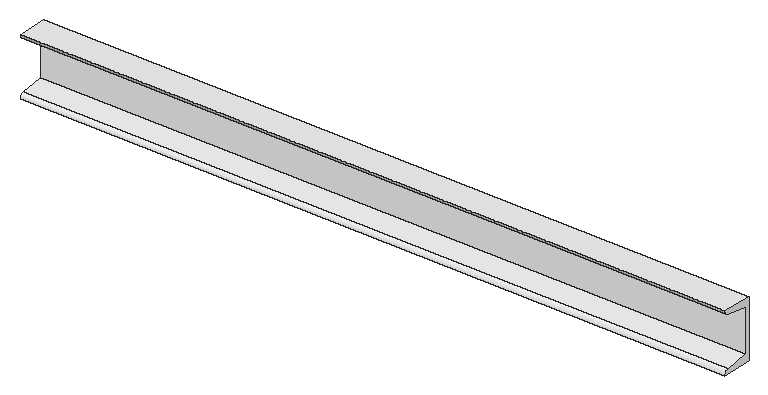
Revit family
Parameters (values of type "100x50TFC")
  Start Extension Calculation [instance] = 3012.5 mm + Start Extension  # 3000 mm
  Start Extension [instance] = -12.5 mm
  End Extension Calculation [instance] = 3012.5 mm + End Extension  # 3000 mm
  End Extension [instance] = -12.5 mm
  Beam Material [instance] = Metal - Steel - 345 MPa
  Assembly Code = ""
  Angle [instance] = 0.00°
  A = 0.001 m²
  Length [instance] = 1500 mm
  W = 0.09179
  bf = 50 mm
  d = 100 mm
  tf = 7.5 mm
  tw = 5 mm
  x = 15.5 mm
Reference planes
  plane 1 "Center (Front/Back)": y = 0
  plane 2: z = 0
  plane 3 "Center (Left/Right)": x = 4.61
  plane 4 "Member Left": x = -604.99
  plane 5 "Member Right": x = 614.21
  plane 6: y = 15.5
  plane 7: y = -34.5
  plane 8 "Top": z = 50
  plane 9: z = -50
  plane 10 "Left": x = -757.39
  plane 11 "Right": x = 742.61
  plane 12: x = -604.99
  plane 13: x = 614.21
  plane 14: x = 2395.01
  plane 15: x = -2385.79
Forms (mm)
  Sweep 1, solid, material "Metal - Steel - 345 MPa" <- "Beam Material", detail levels medium
    path origin (0, 0, 0) x (1, 0, 0) y (0, 1, 0)
      loop
        line (614.21, 0) -> (-604.99, 0)
    profile "M_C-Channel-Profile-Medium : M_C-Channel-Profile-Medium" origin (4.61, 0, 0) x (0, -1, 0) y (0, 0, 1)
      loop
        line (-15.5, -50) -> (34.5, -50) -> (34.5, -42.5) -> (-10.5, -35.373) -> (-10.5, 35.373) -> (34.5, 42.5) -> (34.5, 50) -> (-15.5, 50) -> (-15.5, -50)
  Sweep 2, solid, material "Metal - Steel - 345 MPa" <- "Beam Material", detail levels fine
    path origin (0, 0, 0) x (1, 0, 0) y (0, 1, 0)
      loop
        line (614.21, 0) -> (-604.99, 0)
    profile "M_C-Channel-Profile-Fine : M_C-Channel-Profile-Fine" origin (4.61, 0, 0) x (0, -1, 0) y (0, 0, 1)
      loop
        line (-15.5, -50) -> (34.5, -50)
        arc (34.5, -50) -> (32.303, -44.697) -> (27, -42.5) r 7.5
        line (27, -42.5) -> (-10.5, -36.561) -> (-10.5, 36.561) -> (27, 42.5)
        arc (27, 42.5) -> (32.303, 44.697) -> (34.5, 50) r 7.5
        line (34.5, 50) -> (-15.5, 50) -> (-15.5, -50)
Lines and regions (mm)
  symbolic lines, style "Hidden Faces", detail levels medium+fine
    curve 1: line (-604.99, 0, 0) -> (614.21, 0, 0)
    curve 2: line (-604.99, 4.763, 28.5) -> (614.21, 4.763, 28.5)
    curve 3: line (-604.99, 4.763, -28.5) -> (614.21, 4.763, -28.5)
  reference lines
    curve 4: line (4.61, 0, 0) -> (4.61, 0, 15)
  symbolic lines, style "Stick Symbols", detail levels coarse
    curve 5: line (4.61, 15.5, 50) -> (4.61, -34.5, 50)
    curve 6: line (4.61, 15.5, -50) -> (4.61, 15.5, 50)
    curve 7: line (4.61, -34.5, -50) -> (4.61, 15.5, -50)
Dimensions and locks
  "bf": plane 6 to plane 7
  "d": plane 9 to plane 8 "Top"
  "x": plane 6 to plane 1 "Center (Front/Back)"
  equal spacing: plane 9, plane 2, plane 8 "Top"
  "Length": plane 10 "Left" to plane 11 "Right"
  locked: plane 4 "Member Left" to plane 14 at 3000
  locked: plane 15 to plane 5 "Member Right" at 3000
  "Start Extension Calculation": plane 12 to plane 14
  "End Extension Calculation": plane 15 to plane 13
  "Angle": angle plane 6 to curve 4
  aligned and locked: Sweep 1 sketch curve to plane 1 "Center (Front/Back)"
  aligned and locked: Sweep 2 sketch curve to plane 1 "Center (Front/Back)"
  aligned and locked: curve 5 to Sweep 2
  aligned and locked: curve 6 to Sweep 2
  aligned and locked: Sweep 2 to curve 7
  aligned and locked: Sweep 1 to curve 5
  aligned and locked: curve 7 to Sweep 1
  aligned and locked: plane 12 to Sweep 2 sketch curve
  aligned and locked: plane 13 to Sweep 2 sketch curve
  aligned and locked: plane 12 to Sweep 1 sketch curve
  aligned and locked: plane 13 to Sweep 1 sketch curve
  aligned and locked: plane 12 to curve 1
  aligned and locked: plane 13 to curve 1
  aligned and locked: plane 1 "Center (Front/Back)" to curve 4
Automatic sketch dimensions
  curve 1 to plane 1 "Center (Front/Back)" = 0 mm
  curve 3 to plane 4 "Member Left" = 0 mm
  curve 2 to plane 4 "Member Left" = 0 mm
  curve 3 to plane 5 "Member Right" = 0 mm
  curve 2 to plane 5 "Member Right" = 0 mm
  curve 3 to plane 9 = 21.5 mm
  plane 8 "Top" to curve 2 = 21.5 mm
  curve 4 to level = 0 mm
